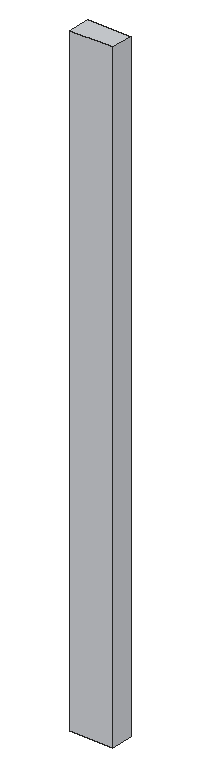
Revit family "AP - Cugino", category Generic Models, Revit 2017
Family settings
  Can host rebar = No
  Round Connector Dimension = Use Diameter
  Part Type = Normal
  Work Plane-Based = No
  Always vertical = Yes
  Cut with Voids When Loaded = No
  Shared = No
  Room Calculation Point = No
Parameters
  s_Profondità_C [instance] = 200 mm
  s_Altezza_C [instance] = 2928.529 mm
  Larghezza_C = 100 mm
Reference planes
  plane 1 "Center (Front/Back)": y = 0
  plane 2: z = 0
  plane 3 "Center (Left/Right)": x = 0
  plane 4: x = 200
  plane 5: y = 100
  plane 6: z = -2928.529
Forms (mm)
  Extrusion 1, solid
    sketch origin (0, 0, 0) x (1, 0, 0) y (0, 1, 0)
      loop
        line (0, 100) -> (0, 0) -> (200, 0) -> (200, 100) -> (0, 100)
    from 0 to -2928.529
Dimensions and locks
  "s_Profondità_C": plane 4 to plane 3 "Center (Left/Right)"
  "s_Altezza_C": plane 6 to plane 2
  "Larghezza_C": plane 5 to plane 1 "Center (Front/Back)"
  aligned and locked: level to plane 2
  aligned and locked: Extrusion 1 to plane 3 "Center (Left/Right)"
  aligned and locked: plane 5 to Extrusion 1
  aligned and locked: plane 4 to Extrusion 1
  aligned and locked: plane 1 "Center (Front/Back)" to Extrusion 1
  aligned and locked: Extrusion 1 to plane 6
Automatic sketch dimensions
  plane 1 "Center (Front/Back)" to Extrusion 1 sketch curve = 0 mm
  Extrusion 1 sketch curve to plane 3 "Center (Left/Right)" = 0 mm
  Extrusion 1 sketch curve to plane 4 = 0 mm
  Extrusion 1 sketch curve to plane 5 = 0 mm
